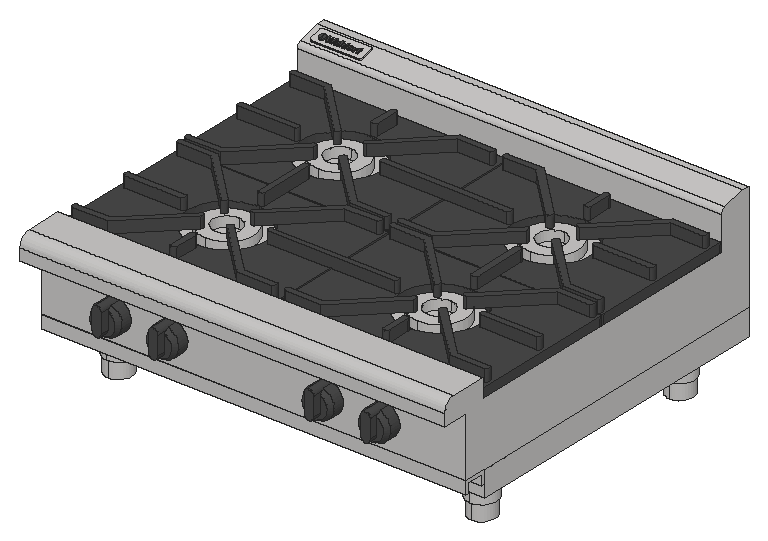
Revit family "QF_MOFFAT WALDORF_RNL8900G-B", category Specialty Equipment, Revit 2012
Parameters
  Weight in Pounds = 284.396
  URL Cutsheet = "www.moffat.com"
  URL = "www.moffat.com"
  Type Mark [instance] = ""
  Status [instance] = ""
  Specification by User [instance] = ""
  Specification by Manufacturer = ""
  Show Logo [instance] = yes
  Serial Number = ""
  Seismic Rating = ""
  SMACNA No = ""
  Revision Code [instance] = ""
  Omniclass Number and Title = ""
  NAFEM Spec ID Number = ""
  Model = "RNL8900G-B"
  Mechanical Remarks [instance] = ""
  Mechanical Connection Type [instance] = ""
  Masterspec = ""
  Manufacturer = "MOFFAT WALDORF"
  Item Number [instance] = ""
  Installed By [instance] = ""
  Identify Quantity as Lot [instance] = yes
  Gas Size = 3/4"
  Gas RI Height [instance] = 0.0 mm
  Gas KW [instance] = 31
  Gas Input [instance] = 106156.0 Btu/h
  Gas Connection Height = 0.0 mm
  Furnished By [instance] = ""
  Foodservice Equipment Identifier [instance] = yes
  Description = "COOK TOP LOW SPLAHBACK GAS BENCH MOUNT"
  CSI MasterFormat = ""
  CSI Master Format = ""
  Base Height [instance] = 85.0 mm
Reference planes
  plane 1 "BACK": y = 0
  plane 2: z = 0
  plane 3 "LEFT": x = 0
  plane 4 "RIGHT": x = 900
  plane 5 "FRONT": y = -805
  plane 6 "TOP": z = 370
  plane 7 "Center Y": x = 450
  plane 8 "Center X": y = -402.5
  plane 9 "Base Height": z = 85
  plane 10: z = 315
  plane 11: x = 65.8
Forms (mm)
  Extrusion 1, solid, material "QF_Finishes_Stainless Steel"
    sketch origin (0, 0, 0) x (0, 1, 0) y (0, 0, 1)
      loop
        line (-805, 291) -> (-805, 266) -> (-749, 266) -> (-749, 140) -> (0, 140) -> (0, 370) -> (-15, 370) -> (-61.106, 357.646)
        arc (-61.106, 357.646) -> (-67.52, 353.36) -> (-70, 346.055) r 12
        line (-70, 346.055) -> (-70, 275) -> (-705, 275) -> (-705, 315) -> (-781, 315)
        arc (-781, 315) -> (-797.971, 307.971) -> (-805, 291) r 24
      loop
        line (0, 85) -> (0, 139.206) -> (-699, 139.206) -> (-699, 85) -> (0, 85)
      loop
        line (-749, 139.206) -> (-749, 112.019) -> (-742.6, 112.019) -> (-742.6, 132.806) -> (-706.4, 132.806) -> (-706.4, 112.019) -> (-700, 112.019) -> (-700, 139.206) -> (-749, 139.206)
    from 0 to 900
  Revolve 2, solid, material "QF_Finishes_Stainless Steel"
    sketch origin (835, -210, 0) x (0, 1, 0) y (0, 0, -1)
      loop
        line (78.25, -85) -> (110, -85) -> (110, 0) -> (82.5, 0) -> (82.5, -35) -> (78.25, -35) -> (78.25, -85)
      axis (110, -85) -> (110, 0)
    angle from 0 to 360
  Revolve 3, solid, material "QF_Finishes_Stainless Steel"
    sketch origin (65, -210, 0) x (0, 1, 0) y (0, 0, 1)
      loop
        line (78.25, 85) -> (78.25, 35) -> (82.5, 35) -> (82.5, 0) -> (110, 0) -> (110, 85) -> (78.25, 85)
      axis (110, 85) -> (110, 0)
    angle from 0 to 360
  Revolve 4, solid, material "QF_Finishes_Black"
    sketch origin (285.001, 0, 0) x (0, -1, 0) y (0, 0, 1)
      loop
        line (782, 234.605) -> (759, 234.605) -> (759, 207.105) -> (749, 207.105) -> (749, 202.105) -> (793, 202.105) -> (793, 228.757) -> (782, 234.605)
      axis (793, 202.105) -> (749, 202.105)
    angle from 0 to 360
  Extrusion 5, solid, material "QF_Finishes_Black"
    sketch origin (-3.43, 0, -103.997) x (1, 0, 0) y (0, 0, 1)
      loop
        line (298.431, 294) -> (298.431, 332.997)
        arc (298.431, 332.997) -> (288.431, 342.997) -> (278.431, 332.997) r 10
        line (278.431, 332.997) -> (278.431, 294)
        arc (278.431, 294) -> (288.431, 284) -> (298.431, 294) r 10
    from 759 to 808
  Extrusion 6, solid, material "QF_Finishes_Stainless Steel"
    sketch origin (705, 3, -505) x (1, 0, 0) y (0, 1, 0)
      loop
        circle (65, -35) r 13.5
    from 560 to 590
  Revolve 7, solid, material "QF_Finishes_Black"
    sketch origin (165, 0, -0.127) x (0, 1, 0) y (0, 0, -1)
      loop
        line (-782, -234.5) -> (-759, -234.5) -> (-759, -207) -> (-749, -207) -> (-749, -202) -> (-793, -202) -> (-793, -228.651) -> (-782, -234.5)
      axis (-793, -202) -> (-749, -202)
    angle from 0 to 360
  Extrusion 8, solid, material "QF_Finishes_Black"
    sketch origin (303.27, 0, 0.031) x (-1, 0, 0) y (0, 0, -1)
      loop
        arc (148.269, -189.969) -> (138.269, -179.969) -> (128.269, -189.969) r 10
        line (128.269, -189.969) -> (128.269, -228.969)
        arc (128.269, -228.969) -> (138.269, -238.969) -> (148.269, -228.969) r 10
        line (148.269, -228.969) -> (148.269, -189.969)
    from 759 to 808
  Extrusion 9, solid, material "QF_Finishes_Black"
    sketch origin (0, -77.318, 294.5) x (0, -1, 0) y (1, 0, 0)
      loop
        spline (252.08, 230.775) -> (250.786, 230.557) -> (249.58, 229.918) -> (248.545, 228.9) -> (247.75, 227.575) -> (247.251, 226.031) -> (247.08, 224.375) -> (247.251, 222.719) -> (247.75, 221.175) -> (248.545, 219.85) -> (249.58, 218.832) -> (250.786, 218.193) -> (252.08, 217.975)
        line (252.08, 217.975) -> (368.284, 217.975)
        spline (368.284, 217.975) -> (369.579, 218.193) -> (370.784, 218.832) -> (371.82, 219.85) -> (372.615, 221.175) -> (373.114, 222.719) -> (373.284, 224.375) -> (373.114, 226.031) -> (372.615, 227.575) -> (371.82, 228.9) -> (370.784, 229.918) -> (369.579, 230.557) -> (368.284, 230.775)
        line (368.284, 230.775) -> (252.08, 230.775)
      loop
        spline (601.284, 217.975) -> (602.579, 218.193) -> (603.784, 218.832) -> (604.82, 219.85) -> (605.615, 221.175) -> (606.114, 222.719) -> (606.284, 224.375) -> (606.114, 226.031) -> (605.615, 227.575) -> (604.82, 228.9) -> (603.784, 229.918) -> (602.579, 230.557) -> (601.284, 230.775)
        line (601.284, 230.775) -> (552.08, 230.775)
        spline (552.08, 230.775) -> (550.786, 230.557) -> (549.58, 229.918) -> (548.545, 228.9) -> (547.75, 227.575) -> (547.251, 226.031) -> (547.08, 224.375) -> (547.251, 222.719) -> (547.75, 221.175) -> (548.545, 219.85) -> (549.58, 218.832) -> (550.786, 218.193) -> (552.08, 217.975)
        line (552.08, 217.975) -> (601.284, 217.975)
      loop
        line (466.582, 13.273) -> (466.582, 132.477)
        spline (466.582, 132.477) -> (466.364, 133.771) -> (465.725, 134.977) -> (464.708, 136.013) -> (463.382, 136.807) -> (461.839, 137.307) -> (460.182, 137.477) -> (458.526, 137.307) -> (456.982, 136.807) -> (455.657, 136.013) -> (454.64, 134.977) -> (454, 133.771) -> (453.782, 132.477)
        line (453.782, 132.477) -> (453.782, 13.273)
        spline (453.782, 13.273) -> (454, 11.979) -> (454.64, 10.773) -> (455.657, 9.737) -> (456.982, 8.943) -> (458.526, 8.443) -> (460.182, 8.273) -> (461.839, 8.443) -> (463.382, 8.943) -> (464.708, 9.737) -> (465.725, 10.773) -> (466.364, 11.979) -> (466.582, 13.273)
      loop
        line (14.11, 87.354) -> (14.11, 13.21)
        spline (14.11, 13.21) -> (14.338, 11.916) -> (15.008, 10.71) -> (16.073, 9.675) -> (17.46, 8.88) -> (19.076, 8.381) -> (20.81, 8.21) -> (22.544, 8.381) -> (24.16, 8.88) -> (25.548, 9.675) -> (26.613, 10.71) -> (27.282, 11.916) -> (27.51, 13.21)
        line (27.51, 13.21) -> (27.51, 82.652) -> (133.259, 188.4)
        spline (133.259, 188.4) -> (134.019, 189.47) -> (134.42, 190.774) -> (134.433, 192.226) -> (134.058, 193.725) -> (133.319, 195.17) -> (132.269, 196.461) -> (130.977, 197.512) -> (129.532, 198.25) -> (128.033, 198.626) -> (126.582, 198.613) -> (125.277, 198.212) -> (124.208, 197.451)
        line (124.208, 197.451) -> (14.11, 87.354)
      loop
        spline (19.08, 230.775) -> (17.786, 230.557) -> (16.58, 229.918) -> (15.545, 228.9) -> (14.75, 227.575) -> (14.251, 226.031) -> (14.08, 224.375) -> (14.251, 222.719) -> (14.75, 221.175) -> (15.545, 219.85) -> (16.58, 218.832) -> (17.786, 218.193) -> (19.08, 217.975)
        line (19.08, 217.975) -> (68.284, 217.975)
        spline (68.284, 217.975) -> (69.579, 218.193) -> (70.784, 218.832) -> (71.82, 219.85) -> (72.615, 221.175) -> (73.114, 222.719) -> (73.284, 224.375) -> (73.114, 226.031) -> (72.615, 227.575) -> (71.82, 228.9) -> (70.784, 229.918) -> (69.579, 230.557) -> (68.284, 230.775)
        line (68.284, 230.775) -> (19.08, 230.775)
      loop
        line (306.255, 87.354) -> (196.157, 197.451)
        spline (196.157, 197.451) -> (195.088, 198.212) -> (193.783, 198.613) -> (192.332, 198.626) -> (190.832, 198.25) -> (189.388, 197.512) -> (188.096, 196.461) -> (187.045, 195.17) -> (186.307, 193.725) -> (185.932, 192.226) -> (185.945, 190.774) -> (186.345, 189.47) -> (187.106, 188.4)
        line (187.106, 188.4) -> (292.855, 82.652) -> (292.855, 13.21)
        spline (292.855, 13.21) -> (293.083, 11.916) -> (293.752, 10.71) -> (294.817, 9.675) -> (296.205, 8.88) -> (297.82, 8.381) -> (299.555, 8.21) -> (301.289, 8.381) -> (302.905, 8.88) -> (304.292, 9.675) -> (305.357, 10.71) -> (306.026, 11.916) -> (306.255, 13.21)
        line (306.255, 13.21) -> (306.255, 87.354)
      loop
        line (166.582, 13.273) -> (166.582, 132.477)
        spline (166.582, 132.477) -> (166.364, 133.771) -> (165.725, 134.977) -> (164.708, 136.013) -> (163.382, 136.807) -> (161.839, 137.307) -> (160.182, 137.477) -> (158.526, 137.307) -> (156.982, 136.807) -> (155.657, 136.013) -> (154.64, 134.977) -> (154, 133.771) -> (153.782, 132.477)
        line (153.782, 132.477) -> (153.782, 13.273)
        spline (153.782, 13.273) -> (154, 11.979) -> (154.64, 10.773) -> (155.657, 9.737) -> (156.982, 8.943) -> (158.526, 8.443) -> (160.182, 8.273) -> (161.839, 8.443) -> (163.382, 8.943) -> (164.708, 9.737) -> (165.725, 10.773) -> (166.364, 11.979) -> (166.582, 13.273)
      loop
        line (14.11, 361.396) -> (124.208, 251.299)
        spline (124.208, 251.299) -> (125.277, 250.538) -> (126.582, 250.137) -> (128.033, 250.124) -> (129.532, 250.5) -> (130.977, 251.238) -> (132.269, 252.289) -> (133.319, 253.58) -> (134.058, 255.025) -> (134.433, 256.524) -> (134.42, 257.976) -> (134.019, 259.28) -> (133.259, 260.35)
        line (133.259, 260.35) -> (27.51, 366.098) -> (27.51, 435.54)
        spline (27.51, 435.54) -> (27.282, 436.834) -> (26.613, 438.04) -> (25.548, 439.075) -> (24.16, 439.87) -> (22.544, 440.369) -> (20.81, 440.54) -> (19.076, 440.369) -> (17.46, 439.87) -> (16.073, 439.075) -> (15.008, 438.04) -> (14.338, 436.834) -> (14.11, 435.54)
        line (14.11, 435.54) -> (14.11, 361.396)
      loop
        line (306.255, 361.396) -> (306.255, 435.54)
        spline (306.255, 435.54) -> (306.026, 436.834) -> (305.357, 438.04) -> (304.292, 439.075) -> (302.905, 439.87) -> (301.289, 440.369) -> (299.555, 440.54) -> (297.82, 440.369) -> (296.205, 439.87) -> (294.817, 439.075) -> (293.752, 438.04) -> (293.083, 436.834) -> (292.855, 435.54)
        line (292.855, 435.54) -> (292.855, 366.098) -> (187.106, 260.35)
        spline (187.106, 260.35) -> (186.345, 259.28) -> (185.945, 257.976) -> (185.932, 256.524) -> (186.307, 255.025) -> (187.045, 253.58) -> (188.096, 252.289) -> (189.388, 251.238) -> (190.832, 250.5) -> (192.332, 250.124) -> (193.783, 250.137) -> (195.088, 250.538) -> (196.157, 251.299)
        line (196.157, 251.299) -> (306.255, 361.396)
      loop
        spline (166.582, 583.727) -> (166.364, 585.021) -> (165.725, 586.227) -> (164.708, 587.263) -> (163.382, 588.057) -> (161.839, 588.557) -> (160.182, 588.727) -> (158.526, 588.557) -> (156.982, 588.057) -> (155.657, 587.263) -> (154.64, 586.227) -> (154, 585.021) -> (153.782, 583.727)
        line (153.782, 583.727) -> (153.782, 316.273)
        spline (153.782, 316.273) -> (154, 314.979) -> (154.64, 313.773) -> (155.657, 312.737) -> (156.982, 311.943) -> (158.526, 311.443) -> (160.182, 311.273) -> (161.839, 311.443) -> (163.382, 311.943) -> (164.708, 312.737) -> (165.725, 313.773) -> (166.364, 314.979) -> (166.582, 316.273)
        line (166.582, 316.273) -> (166.582, 583.727)
      loop
        line (313.11, 87.354) -> (313.11, 13.21)
        spline (313.11, 13.21) -> (313.338, 11.916) -> (314.008, 10.71) -> (315.073, 9.675) -> (316.46, 8.88) -> (318.076, 8.381) -> (319.81, 8.21) -> (321.544, 8.381) -> (323.16, 8.88) -> (324.548, 9.675) -> (325.613, 10.71) -> (326.282, 11.916) -> (326.51, 13.21)
        line (326.51, 13.21) -> (326.51, 82.652) -> (432.259, 188.4)
        spline (432.259, 188.4) -> (433.019, 189.47) -> (433.42, 190.774) -> (433.433, 192.226) -> (433.058, 193.725) -> (432.319, 195.17) -> (431.269, 196.461) -> (429.977, 197.512) -> (428.532, 198.25) -> (427.033, 198.626) -> (425.582, 198.613) -> (424.277, 198.212) -> (423.208, 197.451)
        line (423.208, 197.451) -> (313.11, 87.354)
      loop
        line (605.255, 87.354) -> (495.157, 197.451)
        spline (495.157, 197.451) -> (494.088, 198.212) -> (492.783, 198.613) -> (491.332, 198.626) -> (489.832, 198.25) -> (488.388, 197.512) -> (487.096, 196.461) -> (486.045, 195.17) -> (485.307, 193.725) -> (484.932, 192.226) -> (484.945, 190.774) -> (485.345, 189.47) -> (486.106, 188.4)
        line (486.106, 188.4) -> (591.855, 82.652) -> (591.855, 13.21)
        spline (591.855, 13.21) -> (592.083, 11.916) -> (592.752, 10.71) -> (593.817, 9.675) -> (595.205, 8.88) -> (596.82, 8.381) -> (598.555, 8.21) -> (600.289, 8.381) -> (601.905, 8.88) -> (603.292, 9.675) -> (604.357, 10.71) -> (605.026, 11.916) -> (605.255, 13.21)
        line (605.255, 13.21) -> (605.255, 87.354)
      loop
        line (313.11, 361.396) -> (423.208, 251.299)
        spline (423.208, 251.299) -> (424.277, 250.538) -> (425.582, 250.137) -> (427.033, 250.124) -> (428.532, 250.5) -> (429.977, 251.238) -> (431.269, 252.289) -> (432.319, 253.58) -> (433.058, 255.025) -> (433.433, 256.524) -> (433.42, 257.976) -> (433.019, 259.28) -> (432.259, 260.35)
        line (432.259, 260.35) -> (326.51, 366.098) -> (326.51, 435.54)
        spline (326.51, 435.54) -> (326.282, 436.834) -> (325.613, 438.04) -> (324.548, 439.075) -> (323.16, 439.87) -> (321.544, 440.369) -> (319.81, 440.54) -> (318.076, 440.369) -> (316.46, 439.87) -> (315.073, 439.075) -> (314.008, 438.04) -> (313.338, 436.834) -> (313.11, 435.54)
        line (313.11, 435.54) -> (313.11, 361.396)
      loop
        line (605.255, 361.396) -> (605.255, 435.54)
        spline (605.255, 435.54) -> (605.026, 436.834) -> (604.357, 438.04) -> (603.292, 439.075) -> (601.905, 439.87) -> (600.289, 440.369) -> (598.555, 440.54) -> (596.82, 440.369) -> (595.205, 439.87) -> (593.817, 439.075) -> (592.752, 438.04) -> (592.083, 436.834) -> (591.855, 435.54)
        line (591.855, 435.54) -> (591.855, 366.098) -> (486.106, 260.35)
        spline (486.106, 260.35) -> (485.345, 259.28) -> (484.945, 257.976) -> (484.932, 256.524) -> (485.307, 255.025) -> (486.045, 253.58) -> (487.096, 252.289) -> (488.388, 251.238) -> (489.832, 250.5) -> (491.332, 250.124) -> (492.783, 250.137) -> (494.088, 250.538) -> (495.157, 251.299)
        line (495.157, 251.299) -> (605.255, 361.396)
      loop
        spline (465.582, 583.727) -> (465.364, 585.021) -> (464.725, 586.227) -> (463.708, 587.263) -> (462.382, 588.057) -> (460.839, 588.557) -> (459.182, 588.727) -> (457.526, 588.557) -> (455.982, 588.057) -> (454.657, 587.263) -> (453.64, 586.227) -> (453, 585.021) -> (452.782, 583.727)
        line (452.782, 583.727) -> (452.782, 316.273)
        spline (452.782, 316.273) -> (453, 314.979) -> (453.64, 313.773) -> (454.657, 312.737) -> (455.982, 311.943) -> (457.526, 311.443) -> (459.182, 311.273) -> (460.839, 311.443) -> (462.382, 311.943) -> (463.708, 312.737) -> (464.725, 313.773) -> (465.364, 314.979) -> (465.582, 316.273)
        line (465.582, 316.273) -> (465.582, 583.727)
      loop
        line (252.08, 669.225) -> (368.284, 669.225)
        spline (368.284, 669.225) -> (369.579, 669.443) -> (370.784, 670.082) -> (371.82, 671.1) -> (372.615, 672.425) -> (373.114, 673.969) -> (373.284, 675.625) -> (373.114, 677.281) -> (372.615, 678.825) -> (371.82, 680.15) -> (370.784, 681.168) -> (369.579, 681.807) -> (368.284, 682.025)
        line (368.284, 682.025) -> (252.08, 682.025)
        spline (252.08, 682.025) -> (250.786, 681.807) -> (249.58, 681.168) -> (248.545, 680.15) -> (247.75, 678.825) -> (247.251, 677.281) -> (247.08, 675.625) -> (247.251, 673.969) -> (247.75, 672.425) -> (248.545, 671.1) -> (249.58, 670.082) -> (250.786, 669.443) -> (252.08, 669.225)
      loop
        line (601.284, 682.025) -> (552.08, 682.025)
        spline (552.08, 682.025) -> (550.786, 681.807) -> (549.58, 681.168) -> (548.545, 680.15) -> (547.75, 678.825) -> (547.251, 677.281) -> (547.08, 675.625) -> (547.251, 673.969) -> (547.75, 672.425) -> (548.545, 671.1) -> (549.58, 670.082) -> (550.786, 669.443) -> (552.08, 669.225)
        line (552.08, 669.225) -> (601.284, 669.225)
        spline (601.284, 669.225) -> (602.579, 669.443) -> (603.784, 670.082) -> (604.82, 671.1) -> (605.615, 672.425) -> (606.114, 673.969) -> (606.284, 675.625) -> (606.114, 677.281) -> (605.615, 678.825) -> (604.82, 680.15) -> (603.784, 681.168) -> (602.579, 681.807) -> (601.284, 682.025)
      loop
        spline (466.582, 886.727) -> (466.364, 888.021) -> (465.725, 889.227) -> (464.708, 890.263) -> (463.382, 891.057) -> (461.839, 891.557) -> (460.182, 891.727) -> (458.526, 891.557) -> (456.982, 891.057) -> (455.657, 890.263) -> (454.64, 889.227) -> (454, 888.021) -> (453.782, 886.727)
        line (453.782, 886.727) -> (453.782, 767.523)
        spline (453.782, 767.523) -> (454, 766.229) -> (454.64, 765.023) -> (455.657, 763.987) -> (456.982, 763.193) -> (458.526, 762.693) -> (460.182, 762.523) -> (461.839, 762.693) -> (463.382, 763.193) -> (464.708, 763.987) -> (465.725, 765.023) -> (466.364, 766.229) -> (466.582, 767.523)
        line (466.582, 767.523) -> (466.582, 886.727)
      loop
        line (14.11, 812.646) -> (124.208, 702.549)
        spline (124.208, 702.549) -> (125.277, 701.788) -> (126.582, 701.387) -> (128.033, 701.374) -> (129.532, 701.75) -> (130.977, 702.488) -> (132.269, 703.539) -> (133.319, 704.83) -> (134.058, 706.275) -> (134.433, 707.774) -> (134.42, 709.226) -> (134.019, 710.53) -> (133.259, 711.6)
        line (133.259, 711.6) -> (27.51, 817.348) -> (27.51, 886.79)
        spline (27.51, 886.79) -> (27.282, 888.084) -> (26.613, 889.29) -> (25.548, 890.325) -> (24.16, 891.12) -> (22.544, 891.619) -> (20.81, 891.79) -> (19.076, 891.619) -> (17.46, 891.12) -> (16.073, 890.325) -> (15.008, 889.29) -> (14.338, 888.084) -> (14.11, 886.79)
        line (14.11, 886.79) -> (14.11, 812.646)
      loop
        line (19.08, 669.225) -> (68.284, 669.225)
        spline (68.284, 669.225) -> (69.579, 669.443) -> (70.784, 670.082) -> (71.82, 671.1) -> (72.615, 672.425) -> (73.114, 673.969) -> (73.284, 675.625) -> (73.114, 677.281) -> (72.615, 678.825) -> (71.82, 680.15) -> (70.784, 681.168) -> (69.579, 681.807) -> (68.284, 682.025)
        line (68.284, 682.025) -> (19.08, 682.025)
        spline (19.08, 682.025) -> (17.786, 681.807) -> (16.58, 681.168) -> (15.545, 680.15) -> (14.75, 678.825) -> (14.251, 677.281) -> (14.08, 675.625) -> (14.251, 673.969) -> (14.75, 672.425) -> (15.545, 671.1) -> (16.58, 670.082) -> (17.786, 669.443) -> (19.08, 669.225)
      loop
        line (306.255, 812.646) -> (306.255, 886.79)
        spline (306.255, 886.79) -> (306.026, 888.084) -> (305.357, 889.29) -> (304.292, 890.325) -> (302.905, 891.12) -> (301.289, 891.619) -> (299.555, 891.79) -> (297.82, 891.619) -> (296.205, 891.12) -> (294.817, 890.325) -> (293.752, 889.29) -> (293.083, 888.084) -> (292.855, 886.79)
        line (292.855, 886.79) -> (292.855, 817.348) -> (187.106, 711.6)
        spline (187.106, 711.6) -> (186.345, 710.53) -> (185.945, 709.226) -> (185.932, 707.774) -> (186.307, 706.275) -> (187.045, 704.83) -> (188.096, 703.539) -> (189.388, 702.488) -> (190.832, 701.75) -> (192.332, 701.374) -> (193.783, 701.387) -> (195.088, 701.788) -> (196.157, 702.549)
        line (196.157, 702.549) -> (306.255, 812.646)
      loop
        spline (166.582, 886.727) -> (166.364, 888.021) -> (165.725, 889.227) -> (164.708, 890.263) -> (163.382, 891.057) -> (161.839, 891.557) -> (160.182, 891.727) -> (158.526, 891.557) -> (156.982, 891.057) -> (155.657, 890.263) -> (154.64, 889.227) -> (154, 888.021) -> (153.782, 886.727)
        line (153.782, 886.727) -> (153.782, 767.523)
        spline (153.782, 767.523) -> (154, 766.229) -> (154.64, 765.023) -> (155.657, 763.987) -> (156.982, 763.193) -> (158.526, 762.693) -> (160.182, 762.523) -> (161.839, 762.693) -> (163.382, 763.193) -> (164.708, 763.987) -> (165.725, 765.023) -> (166.364, 766.229) -> (166.582, 767.523)
        line (166.582, 767.523) -> (166.582, 886.727)
      loop
        line (14.11, 538.604) -> (14.11, 464.46)
        spline (14.11, 464.46) -> (14.338, 463.166) -> (15.008, 461.96) -> (16.073, 460.925) -> (17.46, 460.13) -> (19.076, 459.631) -> (20.81, 459.46) -> (22.544, 459.631) -> (24.16, 460.13) -> (25.548, 460.925) -> (26.613, 461.96) -> (27.282, 463.166) -> (27.51, 464.46)
        line (27.51, 464.46) -> (27.51, 533.902) -> (133.259, 639.65)
        spline (133.259, 639.65) -> (134.019, 640.72) -> (134.42, 642.024) -> (134.433, 643.476) -> (134.058, 644.975) -> (133.319, 646.42) -> (132.269, 647.711) -> (130.977, 648.762) -> (129.532, 649.5) -> (128.033, 649.876) -> (126.582, 649.863) -> (125.277, 649.462) -> (124.208, 648.701)
        line (124.208, 648.701) -> (14.11, 538.604)
      loop
        line (306.255, 538.604) -> (196.157, 648.701)
        spline (196.157, 648.701) -> (195.088, 649.462) -> (193.783, 649.863) -> (192.332, 649.876) -> (190.832, 649.5) -> (189.388, 648.762) -> (188.096, 647.711) -> (187.045, 646.42) -> (186.307, 644.975) -> (185.932, 643.476) -> (185.945, 642.024) -> (186.345, 640.72) -> (187.106, 639.65)
        line (187.106, 639.65) -> (292.855, 533.902) -> (292.855, 464.46)
        spline (292.855, 464.46) -> (293.083, 463.166) -> (293.752, 461.96) -> (294.817, 460.925) -> (296.205, 460.13) -> (297.82, 459.631) -> (299.555, 459.46) -> (301.289, 459.631) -> (302.905, 460.13) -> (304.292, 460.925) -> (305.357, 461.96) -> (306.026, 463.166) -> (306.255, 464.46)
        line (306.255, 464.46) -> (306.255, 538.604)
      loop
        line (313.11, 812.646) -> (423.208, 702.549)
        spline (423.208, 702.549) -> (424.277, 701.788) -> (425.582, 701.387) -> (427.033, 701.374) -> (428.532, 701.75) -> (429.977, 702.488) -> (431.269, 703.539) -> (432.319, 704.83) -> (433.058, 706.275) -> (433.433, 707.774) -> (433.42, 709.226) -> (433.019, 710.53) -> (432.259, 711.6)
        line (432.259, 711.6) -> (326.51, 817.348) -> (326.51, 886.79)
        spline (326.51, 886.79) -> (326.282, 888.084) -> (325.613, 889.29) -> (324.548, 890.325) -> (323.16, 891.12) -> (321.544, 891.619) -> (319.81, 891.79) -> (318.076, 891.619) -> (316.46, 891.12) -> (315.073, 890.325) -> (314.008, 889.29) -> (313.338, 888.084) -> (313.11, 886.79)
        line (313.11, 886.79) -> (313.11, 812.646)
      loop
        line (605.255, 812.646) -> (605.255, 886.79)
        spline (605.255, 886.79) -> (605.026, 888.084) -> (604.357, 889.29) -> (603.292, 890.325) -> (601.905, 891.12) -> (600.289, 891.619) -> (598.555, 891.79) -> (596.82, 891.619) -> (595.205, 891.12) -> (593.817, 890.325) -> (592.752, 889.29) -> (592.083, 888.084) -> (591.855, 886.79)
        line (591.855, 886.79) -> (591.855, 817.348) -> (486.106, 711.6)
        spline (486.106, 711.6) -> (485.345, 710.53) -> (484.945, 709.226) -> (484.932, 707.774) -> (485.307, 706.275) -> (486.045, 704.83) -> (487.096, 703.539) -> (488.388, 702.488) -> (489.832, 701.75) -> (491.332, 701.374) -> (492.783, 701.387) -> (494.088, 701.788) -> (495.157, 702.549)
        line (495.157, 702.549) -> (605.255, 812.646)
      loop
        line (313.11, 538.604) -> (313.11, 464.46)
        spline (313.11, 464.46) -> (313.338, 463.166) -> (314.008, 461.96) -> (315.073, 460.925) -> (316.46, 460.13) -> (318.076, 459.631) -> (319.81, 459.46) -> (321.544, 459.631) -> (323.16, 460.13) -> (324.548, 460.925) -> (325.613, 461.96) -> (326.282, 463.166) -> (326.51, 464.46)
        line (326.51, 464.46) -> (326.51, 533.902) -> (432.259, 639.65)
        spline (432.259, 639.65) -> (433.019, 640.72) -> (433.42, 642.024) -> (433.433, 643.476) -> (433.058, 644.975) -> (432.319, 646.42) -> (431.269, 647.711) -> (429.977, 648.762) -> (428.532, 649.5) -> (427.033, 649.876) -> (425.582, 649.863) -> (424.277, 649.462) -> (423.208, 648.701)
        line (423.208, 648.701) -> (313.11, 538.604)
      loop
        line (605.255, 538.604) -> (495.157, 648.701)
        spline (495.157, 648.701) -> (494.088, 649.462) -> (492.783, 649.863) -> (491.332, 649.876) -> (489.832, 649.5) -> (488.388, 648.762) -> (487.096, 647.711) -> (486.045, 646.42) -> (485.307, 644.975) -> (484.932, 643.476) -> (484.945, 642.024) -> (485.345, 640.72) -> (486.106, 639.65)
        line (486.106, 639.65) -> (591.855, 533.902) -> (591.855, 464.46)
        spline (591.855, 464.46) -> (592.083, 463.166) -> (592.752, 461.96) -> (593.817, 460.925) -> (595.205, 460.13) -> (596.82, 459.631) -> (598.555, 459.46) -> (600.289, 459.631) -> (601.905, 460.13) -> (603.292, 460.925) -> (604.357, 461.96) -> (605.026, 463.166) -> (605.255, 464.46)
        line (605.255, 464.46) -> (605.255, 538.604)
    from 0 to 23.5
  Revolve 10, solid, material "QF_Finishes_Black"
    sketch origin (735, 0, 0) x (0, -1, 0) y (0, 0, 1)
      loop
        line (782, 234.605) -> (759, 234.605) -> (759, 207.105) -> (749, 207.105) -> (749, 202.105) -> (793, 202.105) -> (793, 228.757) -> (782, 234.605)
      axis (793, 202.105) -> (749, 202.105)
    angle from 0 to 360
  Extrusion 11, solid, material "QF_Finishes_Black"
    sketch origin (596.569, 0, -103.997) x (1, 0, 0) y (0, 0, 1)
      loop
        line (148.431, 294) -> (148.431, 332.997)
        arc (148.431, 332.997) -> (138.431, 342.997) -> (128.431, 332.997) r 10
        line (128.431, 332.997) -> (128.431, 294)
        arc (128.431, 294) -> (138.431, 284) -> (148.431, 294) r 10
    from 759 to 808
  Revolve 12, solid, material "QF_Finishes_Black"
    sketch origin (615, 0, -0.093) x (0, 1, 0) y (0, 0, -1)
      loop
        line (-782, -234.5) -> (-759, -234.5) -> (-759, -207) -> (-749, -207) -> (-749, -202) -> (-793, -202) -> (-793, -228.651) -> (-782, -234.5)
      axis (-793, -202) -> (-749, -202)
    angle from 0 to 360
  Extrusion 13, solid, material "QF_Finishes_Black"
    sketch origin (603.269, 0, 0.031) x (-1, 0, 0) y (0, 0, -1)
      loop
        arc (-1.731, -189.969) -> (-11.731, -179.969) -> (-21.731, -189.969) r 10
        line (-21.731, -189.969) -> (-21.731, -228.969)
        arc (-21.731, -228.969) -> (-11.731, -238.969) -> (-1.731, -228.969) r 10
        line (-1.731, -228.969) -> (-1.731, -189.969)
    from 759 to 808
  Revolve 14, solid, material "QF_Finishes_Stainless Steel"
    sketch origin (835, -735, 0) x (0, 1, 0) y (0, 0, -1)
      loop
        line (78.25, -85) -> (110, -85) -> (110, 0) -> (82.5, 0) -> (82.5, -35) -> (78.25, -35) -> (78.25, -85)
      axis (110, -85) -> (110, 0)
    angle from 0 to 360
  Revolve 15, solid, material "QF_Finishes_Stainless Steel"
    sketch origin (65, -735, 0) x (0, 1, 0) y (0, 0, 1)
      loop
        line (78.25, 85) -> (78.25, 35) -> (82.5, 35) -> (82.5, 0) -> (110, 0) -> (110, 85) -> (78.25, 85)
      axis (110, 85) -> (110, 0)
    angle from 0 to 360
  Extrusion 16, solid, material "QF_Finishes_Stainless Steel"
    sketch origin (0, -77.318, 275) x (0, -1, 0) y (1, 0, 0)
      loop
        circle (160.182, 224) r 57
      loop
        circle (160.182, 674) r 57
      loop
        circle (459.182, 674) r 57
      loop
        circle (459.182, 224) r 57
      loop
        circle (160.182, 224) r 30
      loop
        circle (160.182, 674) r 30
      loop
        circle (459.182, 674) r 30
      loop
        circle (459.182, 224) r 30
    from 0 to 20
  Extrusion 17, solid, material "QF_Finishes_Black"
    sketch origin (0, -77.318, 275) x (0, -1, 0) y (1, 0, 0)
      loop
        arc (-6.318, 4) -> (-5.439, 1.879) -> (-3.318, 1) r 3
        line (-3.318, 1) -> (305.057, 1)
        arc (305.057, 1) -> (307.179, 1.879) -> (308.057, 4) r 3
        line (308.057, 4) -> (308.057, 445.187)
        arc (308.057, 445.187) -> (307.179, 447.309) -> (305.057, 448.187) r 3
        line (305.057, 448.187) -> (-3.318, 448.187)
        arc (-3.318, 448.187) -> (-5.439, 447.309) -> (-6.318, 445.187) r 3
        line (-6.318, 445.187) -> (-6.318, 4)
      loop
        line (623.682, 899) -> (314.057, 899)
        arc (314.057, 899) -> (311.936, 898.121) -> (311.057, 896) r 3
        line (311.057, 896) -> (311.057, 454.812)
        arc (311.057, 454.812) -> (311.936, 452.691) -> (314.057, 451.812) r 3
        line (314.057, 451.812) -> (623.682, 451.812)
        arc (623.682, 451.812) -> (625.804, 452.691) -> (626.682, 454.812) r 3
        line (626.682, 454.812) -> (626.682, 896)
        arc (626.682, 896) -> (625.804, 898.121) -> (623.682, 899) r 3
      loop
        arc (-3.318, 899) -> (-5.439, 898.121) -> (-6.318, 896) r 3
        line (-6.318, 896) -> (-6.318, 454.812)
        arc (-6.318, 454.812) -> (-5.439, 452.691) -> (-3.318, 451.812) r 3
        line (-3.318, 451.812) -> (305.057, 451.812)
        arc (305.057, 451.812) -> (307.179, 452.691) -> (308.057, 454.812) r 3
        line (308.057, 454.812) -> (308.057, 896)
        arc (308.057, 896) -> (307.179, 898.121) -> (305.057, 899) r 3
        line (305.057, 899) -> (-3.318, 899)
      loop
        line (626.682, 4) -> (626.682, 445.187)
        arc (626.682, 445.187) -> (625.804, 447.309) -> (623.682, 448.187) r 3
        line (623.682, 448.187) -> (314.057, 448.187)
        arc (314.057, 448.187) -> (311.936, 447.309) -> (311.057, 445.187) r 3
        line (311.057, 445.187) -> (311.057, 4)
        arc (311.057, 4) -> (311.936, 1.879) -> (314.057, 1) r 3
        line (314.057, 1) -> (623.682, 1)
        arc (623.682, 1) -> (625.804, 1.879) -> (626.682, 4) r 3
      loop
        circle (160.663, 675.95) r 84.082
      loop
        circle (460.663, 675.95) r 84.082
      loop
        circle (459.761, 224.937) r 84.082
      loop
        circle (159.761, 224.937) r 84.082
    from 0 to 19.5
Cuts and joins
  joined: Revolve 7, Extrusion 8
  joined: Revolve 4, Extrusion 5
  joined: Revolve 12, Extrusion 13
  joined: Revolve 10, Extrusion 11
Lines and regions (mm)
  Split face 1
    outline origin (49.063, -19.972, 368.668) x (0, -0.965926, -0.258819) y (1, 0, 0)
      loop
        line (0.03, 105.5) -> (33.432, 105.5) -> (33.432, 125.5) -> (0.03, 125.5) -> (0.03, 105.5)
  Split face 2
    outline origin (99.063, -19.972, 368.668) x (0, -0.965926, -0.258819) y (1, 0, 0)
      loop
        line (0.03, 105.5) -> (33.432, 105.5) -> (33.432, 125.5) -> (0.03, 125.5) -> (0.03, 105.5)
  Split face 3
    outline origin (149.062, -19.972, 368.668) x (0, -0.965926, -0.258819) y (1, 0, 0)
      loop
        line (0.03, 105.5) -> (33.432, 105.5) -> (33.432, 125.5) -> (0.03, 125.5) -> (0.03, 105.5)
  Split face 4
    outline origin (199.063, -19.972, 368.668) x (0, -0.965926, -0.258819) y (1, 0, 0)
      loop
        line (0.03, 105.5) -> (33.432, 105.5) -> (33.432, 125.5) -> (0.03, 125.5) -> (0.03, 105.5)
  Split face 5
    outline origin (249.062, -19.972, 368.668) x (0, -0.965926, -0.258819) y (1, 0, 0)
      loop
        line (0.03, 105.5) -> (33.432, 105.5) -> (33.432, 125.5) -> (0.03, 125.5) -> (0.03, 105.5)
  Split face 6
    outline origin (299.062, -19.972, 368.668) x (0, -0.965926, -0.258819) y (1, 0, 0)
      loop
        line (0.03, 105.5) -> (33.432, 105.5) -> (33.432, 125.5) -> (0.03, 125.5) -> (0.03, 105.5)
  Split face 7
    outline origin (349.062, -19.972, 368.668) x (0, -0.965926, -0.258819) y (1, 0, 0)
      loop
        line (0.03, 105.5) -> (33.432, 105.5) -> (33.432, 125.5) -> (0.03, 125.5) -> (0.03, 105.5)
  Split face 8
    outline origin (399.062, -19.972, 368.668) x (0, -0.965926, -0.258819) y (1, 0, 0)
      loop
        line (0.03, 105.5) -> (33.432, 105.5) -> (33.432, 125.5) -> (0.03, 125.5) -> (0.03, 105.5)
  Split face 9
    outline origin (449.062, -19.972, 368.668) x (0, -0.965926, -0.258819) y (1, 0, 0)
      loop
        line (0.03, 105.5) -> (33.432, 105.5) -> (33.432, 125.5) -> (0.03, 125.5) -> (0.03, 105.5)
  Split face 10
    outline origin (499.062, -19.972, 368.668) x (0, -0.965926, -0.258819) y (1, 0, 0)
      loop
        line (0.03, 105.5) -> (33.432, 105.5) -> (33.432, 125.5) -> (0.03, 125.5) -> (0.03, 105.5)
  Split face 11
    outline origin (549.062, -19.972, 368.668) x (0, -0.965926, -0.258819) y (1, 0, 0)
      loop
        line (0.03, 105.5) -> (33.432, 105.5) -> (33.432, 125.5) -> (0.03, 125.5) -> (0.03, 105.5)
  Split face 12
    outline origin (599.062, -19.972, 368.668) x (0, -0.965926, -0.258819) y (1, 0, 0)
      loop
        line (0.03, 105.5) -> (33.432, 105.5) -> (33.432, 125.5) -> (0.03, 125.5) -> (0.03, 105.5)
  symbolic lines, visible <- "Show Logo"
    curve 1: line (12.5, -52.06, 0) -> (12.5, -21.099, 0)
    curve 2: line (121.5, -21.099, 0) -> (121.5, -52.06, 0)
    curve 3: line (12.5, -21.099, 0) -> (121.5, -21.099, 0)
    curve 4: line (12.5, -52.06, 0) -> (121.5, -52.06, 0)
  symbolic lines
    curve 5: line (154.563, -50.782, 0) -> (154.563, -20.984, 0)
    curve 6: line (154.563, -20.984, 0) -> (174.562, -20.984, 0)
    curve 7: line (174.562, -20.984, 0) -> (174.562, -50.782, 0)
    curve 8: line (174.562, -50.782, 0) -> (154.563, -50.782, 0)
    curve 9: line (204.563, -20.984, 0) -> (204.563, -50.782, 0)
    curve 10: line (204.563, -50.782, 0) -> (224.562, -50.782, 0)
    curve 11: line (224.562, -50.782, 0) -> (224.562, -20.984, 0)
    curve 12: line (224.562, -20.984, 0) -> (204.563, -20.984, 0)
    curve 13: line (254.563, -20.984, 0) -> (254.563, -50.782, 0)
    curve 14: line (254.563, -50.782, 0) -> (274.562, -50.782, 0)
    curve 15: line (274.562, -50.782, 0) -> (274.562, -20.984, 0)
    curve 16: line (274.562, -20.984, 0) -> (254.563, -20.984, 0)
    curve 17: line (304.563, -20.984, 0) -> (304.563, -50.782, 0)
    curve 18: line (304.563, -50.782, 0) -> (324.563, -50.782, 0)
    curve 19: line (324.563, -50.782, 0) -> (324.563, -20.984, 0)
    curve 20: line (324.563, -20.984, 0) -> (304.563, -20.984, 0)
    curve 21: line (354.563, -20.984, 0) -> (354.563, -50.782, 0)
    curve 22: line (354.563, -50.782, 0) -> (374.563, -50.782, 0)
    curve 23: line (374.563, -50.782, 0) -> (374.563, -20.984, 0)
    curve 24: line (374.563, -20.984, 0) -> (354.563, -20.984, 0)
    curve 25: line (404.563, -50.782, 0) -> (404.563, -20.984, 0)
    curve 26: line (404.563, -20.984, 0) -> (424.563, -20.984, 0)
    curve 27: line (424.563, -20.984, 0) -> (424.563, -50.782, 0)
    curve 28: line (424.563, -50.782, 0) -> (404.563, -50.782, 0)
    curve 29: line (454.563, -50.782, 0) -> (454.563, -20.984, 0)
    curve 30: line (454.563, -20.984, 0) -> (474.563, -20.984, 0)
    curve 31: line (474.563, -20.984, 0) -> (474.563, -50.782, 0)
    curve 32: line (474.563, -50.782, 0) -> (454.563, -50.782, 0)
    curve 33: line (504.563, -20.984, 0) -> (504.563, -50.782, 0)
    curve 34: line (504.563, -50.782, 0) -> (524.563, -50.782, 0)
    curve 35: line (524.563, -50.782, 0) -> (524.563, -20.984, 0)
    curve 36: line (524.563, -20.984, 0) -> (504.563, -20.984, 0)
    curve 37: line (554.563, -50.782, 0) -> (554.563, -20.984, 0)
    curve 38: line (554.563, -20.984, 0) -> (574.563, -20.984, 0)
    curve 39: line (574.563, -20.984, 0) -> (574.563, -50.782, 0)
    curve 40: line (574.563, -50.782, 0) -> (554.563, -50.782, 0)
    curve 41: line (604.563, -50.782, 0) -> (604.563, -20.984, 0)
    curve 42: line (604.563, -20.984, 0) -> (624.563, -20.984, 0)
    curve 43: line (624.563, -20.984, 0) -> (624.563, -50.782, 0)
    curve 44: line (624.563, -50.782, 0) -> (604.563, -50.782, 0)
    curve 45: line (654.563, -50.782, 0) -> (654.563, -20.984, 0)
    curve 46: line (654.563, -20.984, 0) -> (674.563, -20.984, 0)
    curve 47: line (674.563, -20.984, 0) -> (674.563, -50.782, 0)
    curve 48: line (674.563, -50.782, 0) -> (654.563, -50.782, 0)
    curve 49: line (724.563, -50.782, 0) -> (704.563, -50.782, 0)
    curve 50: line (704.563, -50.782, 0) -> (704.563, -20.984, 0)
    curve 51: line (704.563, -20.984, 0) -> (724.563, -20.984, 0)
    curve 52: line (724.563, -20.984, 0) -> (724.563, -50.782, 0)
    curve 53: line (0, -805, 0) -> (900, -805, 0)
    curve 54: line (0, 0, 0) -> (0, -805, 0)
    curve 55: line (900, -805, 0) -> (900, 0, 0)
    curve 56: line (900, 0, 0) -> (0, 0, 0)
    curve 57: line (0, -70, 0) -> (900, -70, 0)
    curve 58: line (900, -705, 0) -> (0, -705, 0)
    curve 59: line (7.898, -98.128, 0) -> (84.628, -98.128, 0)
    curve 60: line (84.628, -98.128, 0) -> (192.551, -206.051, 0)
    curve 61: line (224, -96.398, 0) -> (224, -145.602, 0)
    curve 62: line (440.102, -98.128, 0) -> (363.372, -98.128, 0)
    curve 63: line (363.372, -98.128, 0) -> (255.449, -206.051, 0)
    curve 64: line (578.727, -237.5, 0) -> (315.898, -237.5, 0)
    curve 65: line (457.898, -98.128, 0) -> (534.628, -98.128, 0)
    curve 66: line (534.628, -98.128, 0) -> (642.551, -206.051, 0)
    curve 67: line (7.898, -237.5, 0) -> (132.102, -237.5, 0)
    curve 68: line (7.898, -376.872, 0) -> (84.628, -376.872, 0)
    curve 69: line (84.628, -376.872, 0) -> (192.551, -268.949, 0)
    curve 70: line (224, -440.611, 0) -> (224, -329.398, 0)
    curve 71: line (440.102, -376.872, 0) -> (363.372, -376.872, 0)
    curve 72: line (363.372, -376.872, 0) -> (255.449, -268.949, 0)
    curve 73: line (7.898, -397.128, 0) -> (84.628, -397.128, 0)
    curve 74: line (84.628, -397.128, 0) -> (192.551, -505.051, 0)
    curve 75: line (440.102, -397.128, 0) -> (363.372, -397.128, 0)
    curve 76: line (363.372, -397.128, 0) -> (255.449, -505.051, 0)
    curve 77: line (578.727, -536.5, 0) -> (315.898, -536.5, 0)
    curve 78: line (7.898, -536.5, 0) -> (132.102, -536.5, 0)
    curve 79: line (7.898, -675.872, 0) -> (84.628, -675.872, 0)
    curve 80: line (84.628, -675.872, 0) -> (192.551, -567.949, 0)
    curve 81: line (224, -677.602, 0) -> (224, -628.398, 0)
    curve 82: line (440.102, -675.872, 0) -> (363.372, -675.872, 0)
    curve 83: line (363.372, -675.872, 0) -> (255.449, -567.949, 0)
    curve 84: arc (224, -479.5, 0) -> (281, -536.5, 0) -> (224, -593.5, 0) r 57
    curve 85: arc (224, -593.5, 0) -> (167, -536.5, 0) -> (224, -479.5, 0) r 57
    curve 86: arc (224, -180.5, 0) -> (281, -237.5, 0) -> (224, -294.5, 0) r 57
    curve 87: arc (224, -294.5, 0) -> (167, -237.5, 0) -> (224, -180.5, 0) r 57
    curve 88: arc (674, -294.5, 0) -> (617, -237.5, 0) -> (674, -180.5, 0) r 57
    curve 89: arc (674, -180.5, 0) -> (731, -237.5, 0) -> (674, -294.5, 0) r 57
    curve 90: arc (674, -593.5, 0) -> (617, -536.5, 0) -> (674, -479.5, 0) r 57
    curve 91: arc (674, -479.5, 0) -> (731, -536.5, 0) -> (674, -593.5, 0) r 57
    curve 92: line (457.898, -376.872, 0) -> (534.628, -376.872, 0)
    curve 93: line (534.628, -376.872, 0) -> (642.551, -268.949, 0)
    curve 94: line (890.102, -98.128, 0) -> (813.372, -98.128, 0)
    curve 95: line (813.372, -98.128, 0) -> (705.449, -206.051, 0)
    curve 96: line (674, -96.398, 0) -> (674, -145.602, 0)
    curve 97: line (890.102, -237.5, 0) -> (765.898, -237.5, 0)
    curve 98: line (890.102, -376.872, 0) -> (813.372, -376.872, 0)
    curve 99: line (813.372, -376.872, 0) -> (705.449, -268.949, 0)
    curve 100: line (890.102, -397.128, 0) -> (813.372, -397.128, 0)
    curve 101: line (813.372, -397.128, 0) -> (705.449, -505.051, 0)
    curve 102: line (457.898, -397.128, 0) -> (534.628, -397.128, 0)
    curve 103: line (534.628, -397.128, 0) -> (642.551, -505.051, 0)
    curve 104: line (674, -440.766, 0) -> (674, -329.398, 0)
    curve 105: line (890.102, -536.5, 0) -> (765.898, -536.5, 0)
    curve 106: line (890.102, -675.872, 0) -> (813.372, -675.872, 0)
    curve 107: line (813.372, -675.872, 0) -> (705.449, -567.949, 0)
    curve 108: line (674, -677.602, 0) -> (674, -628.398, 0)
    curve 109: line (457.898, -675.872, 0) -> (534.628, -675.872, 0)
    curve 110: line (534.628, -675.872, 0) -> (642.551, -567.949, 0)
    curve 111: line (450, -70, 0) -> (450, -705, 0)
    curve 112: line (0, -386.872, 0) -> (899, -386.872, 0)
    curve 113: arc (224.724, -152.946, 0) -> (308.806, -237.028, 0) -> (224.724, -321.11, 0) r 84.082
    curve 114: arc (224.724, -321.11, 0) -> (140.642, -237.028, 0) -> (224.724, -152.946, 0) r 84.082
    curve 115: arc (675.738, -322.012, 0) -> (591.656, -237.93, 0) -> (675.738, -153.847, 0) r 84.082
    curve 116: arc (675.738, -153.847, 0) -> (759.82, -237.93, 0) -> (675.738, -322.012, 0) r 84.082
    curve 117: arc (675.738, -453.847, 0) -> (759.82, -537.93, 0) -> (675.738, -622.012, 0) r 84.082
    curve 118: arc (675.738, -622.012, 0) -> (591.656, -537.93, 0) -> (675.738, -453.847, 0) r 84.082
    curve 119: arc (224.724, -452.946, 0) -> (308.806, -537.028, 0) -> (224.724, -621.11, 0) r 84.082
    curve 120: arc (224.724, -621.11, 0) -> (140.642, -537.028, 0) -> (224.724, -452.946, 0) r 84.082
    curve 121: arc (224, -267.5, 0) -> (194, -237.5, 0) -> (224, -207.5, 0) r 30
    curve 122: arc (224, -207.5, 0) -> (254, -237.5, 0) -> (224, -267.5, 0) r 30
    curve 123: arc (674, -267.5, 0) -> (644, -237.5, 0) -> (674, -207.5, 0) r 30
    curve 124: arc (674, -207.5, 0) -> (704, -237.5, 0) -> (674, -267.5, 0) r 30
    curve 125: arc (674, -566.5, 0) -> (644, -536.5, 0) -> (674, -506.5, 0) r 30
    curve 126: arc (674, -506.5, 0) -> (704, -536.5, 0) -> (674, -566.5, 0) r 30
    curve 127: arc (224, -566.5, 0) -> (194, -536.5, 0) -> (224, -506.5, 0) r 30
    curve 128: arc (224, -506.5, 0) -> (254, -536.5, 0) -> (224, -566.5, 0) r 30
Dimensions and locks
  equal spacing: plane 3 "LEFT", plane 7 "Center Y", plane 4 "RIGHT"
  plane 3 "LEFT" to plane 4 "RIGHT" = 900.0 mm
  equal spacing: plane 5 "FRONT", plane 8 "Center X", plane 1 "BACK"
  plane 5 "FRONT" to plane 1 "BACK" = 805.0 mm
  "Base Height": plane 9 "Base Height" to level
  plane 6 "TOP" to level = 370.0 mm
  level to Extrusion 6 = 55.0 mm
  Extrusion 6 to plane 9 "Base Height" = 30.0 mm
  Revolve 10 sketch curve to Revolve 10 sketch curve to Revolve 12 = 11.0 mm locked, 23.0 mm locked
  plane 10 to level = 315.0 mm
  Extrusion 17 sketch curve to plane 11 = 64.8 mm
  aligned and locked: level to plane 2
  aligned and locked: plane 9 "Base Height" to Extrusion 6
  aligned and locked: Revolve 3 sketch curve to plane 9 "Base Height"
  aligned and locked: Extrusion 1 to Revolve 10 sketch curve
Automatic sketch dimensions
  plane 1 "BACK" to Extrusion 6 sketch curve = 32.0 mm
  plane 4 "RIGHT" to Extrusion 6 sketch curve = 130.0 mm
  Revolve 2 sketch curve to plane 9 "Base Height" = 0.0 mm
  Revolve 2 sketch curve to level = 0.0 mm
  level to Revolve 2 sketch curve = 35.0 mm
  plane 1 "BACK" to Revolve 2 sketch curve = 131.75 mm
  Revolve 2 sketch curve to Revolve 2 sketch curve = 4.25 mm
  Revolve 2 sketch curve to Revolve 2 sketch curve = 27.5 mm
  Revolve 2 sketch curve to Revolve 2 sketch curve = 0.0 mm
  Revolve 2 sketch curve to Revolve 2 sketch curve = 30.0 mm
  Revolve 2 sketch curve to Revolve 2 sketch curve = 55.0 mm
  Revolve 3 sketch curve to level = 0.0 mm
  level to Revolve 3 sketch curve = 35.0 mm
  plane 1 "BACK" to Revolve 3 sketch curve = 131.75 mm
  Revolve 3 sketch curve to Revolve 3 sketch curve = 4.25 mm
  Revolve 3 sketch curve to Revolve 3 sketch curve = 27.5 mm
  Revolve 3 sketch curve to Revolve 3 sketch curve = 0.0 mm
  Revolve 3 sketch curve to Revolve 3 sketch curve = 55.0 mm
  Revolve 3 sketch curve to plane 9 "Base Height" = 30.0 mm
  Revolve 4 sketch curve to plane 5 "FRONT" = 56.0 mm
  Revolve 4 sketch curve to Revolve 4 sketch curve = 10.0 mm
  Revolve 4 sketch curve to Revolve 4 sketch curve = 21.3 mm
  Revolve 4 sketch curve to plane 5 "FRONT" = 23.0 mm
  Revolve 4 sketch curve to plane 5 "FRONT" = 12.0 mm
  Revolve 4 sketch curve to Revolve 4 sketch curve = 0.0 mm  (x2)
  plane 9 "Base Height" to Revolve 4 sketch curve = 117.105 mm
  Revolve 4 sketch curve to Revolve 4 sketch curve = 5.0 mm
  Revolve 4 sketch curve to Revolve 4 sketch curve = 26.651 mm
  Revolve 4 sketch curve to Revolve 4 sketch curve = 5.849 mm
  plane 3 "LEFT" to Extrusion 5 sketch curve = 275.001 mm
  Extrusion 5 sketch curve to Extrusion 5 sketch curve = 10.0 mm
  plane 9 "Base Height" to Extrusion 5 sketch curve = 105.003 mm
  Extrusion 5 sketch curve to Extrusion 5 sketch curve = 38.997 mm
  Revolve 7 sketch curve to plane 5 "FRONT" = 12.0 mm
  Revolve 7 sketch curve to Revolve 7 sketch curve = 0.0 mm  (x2)
  Revolve 7 sketch curve to Revolve 7 sketch curve = 11.0 mm
  Revolve 7 sketch curve to Revolve 7 sketch curve = 12.7 mm
  Revolve 7 sketch curve to Revolve 7 sketch curve = 23.0 mm
  Revolve 7 sketch curve to Revolve 7 sketch curve = 10.0 mm
  plane 9 "Base Height" to Revolve 7 sketch curve = 149.373 mm
  Revolve 7 sketch curve to Revolve 7 sketch curve = 5.849 mm
  Revolve 7 sketch curve to Revolve 7 sketch curve = 27.5 mm
  Revolve 7 sketch curve to Revolve 7 sketch curve = 5.0 mm
  plane 3 "LEFT" to Extrusion 8 sketch curve = 175.001 mm
  Extrusion 8 sketch curve to Extrusion 8 sketch curve = 10.0 mm
  plane 9 "Base Height" to Extrusion 8 sketch curve = 144.0 mm
  Extrusion 8 sketch curve to Extrusion 8 sketch curve = 39.0 mm
  Extrusion 1 to Split face 1 sketch curve = 5.177 mm
  Split face 1 sketch curve to Extrusion 1 = 9.153 mm
  Split face 1 sketch curve to Extrusion 1 = 154.563 mm
  Split face 1 sketch curve to Split face 1 sketch curve = 20.0 mm
  Revolve 10 sketch curve to Revolve 10 sketch curve = 23.0 mm
  Revolve 10 sketch curve to Revolve 10 sketch curve = 12.7 mm
  Revolve 10 sketch curve to Revolve 10 sketch curve = 0.0 mm  (x2)
  plane 9 "Base Height" to Revolve 10 sketch curve = 117.105 mm
  Revolve 10 sketch curve to Revolve 10 sketch curve = 5.0 mm
  Revolve 10 sketch curve to Revolve 10 sketch curve = 26.651 mm
  Revolve 10 sketch curve to Revolve 10 sketch curve = 5.849 mm
  plane 4 "RIGHT" to Extrusion 11 sketch curve = 175.0 mm
  Extrusion 11 sketch curve to Extrusion 11 sketch curve = 10.0 mm
  plane 9 "Base Height" to Extrusion 11 sketch curve = 105.003 mm
  Extrusion 11 sketch curve to Extrusion 11 sketch curve = 38.997 mm
  Revolve 12 sketch curve to plane 5 "FRONT" = 12.0 mm
  Revolve 12 sketch curve to Revolve 12 sketch curve = 0.0 mm  (x2)
  Revolve 12 sketch curve to Revolve 12 sketch curve = 11.0 mm
  Revolve 12 sketch curve to Revolve 12 sketch curve = 12.7 mm
  Revolve 12 sketch curve to Revolve 12 sketch curve = 23.0 mm
  Revolve 12 sketch curve to Revolve 12 sketch curve = 10.0 mm
  plane 9 "Base Height" to Revolve 12 sketch curve = 149.407 mm
  Revolve 12 sketch curve to Revolve 12 sketch curve = 5.849 mm
  Revolve 12 sketch curve to Revolve 12 sketch curve = 27.5 mm
  Revolve 12 sketch curve to Revolve 12 sketch curve = 5.0 mm
  plane 4 "RIGHT" to Extrusion 13 sketch curve = 275.0 mm
  Extrusion 13 sketch curve to Extrusion 13 sketch curve = 10.0 mm
  plane 9 "Base Height" to Extrusion 13 sketch curve = 144.0 mm
  Extrusion 13 sketch curve to Extrusion 13 sketch curve = 39.0 mm
  Revolve 14 sketch curve to plane 9 "Base Height" = 0.0 mm
  Revolve 14 sketch curve to level = 0.0 mm
  level to Revolve 14 sketch curve = 35.0 mm
  Revolve 14 sketch curve to plane 5 "FRONT" = 148.25 mm
  Revolve 14 sketch curve to Revolve 14 sketch curve = 4.25 mm
  Revolve 14 sketch curve to Revolve 14 sketch curve = 27.5 mm
  Revolve 14 sketch curve to Revolve 14 sketch curve = 0.0 mm
  Revolve 14 sketch curve to plane 9 "Base Height" = 30.0 mm
  Revolve 14 sketch curve to Revolve 14 sketch curve = 55.0 mm
  Revolve 15 sketch curve to plane 9 "Base Height" = 0.0 mm
  Revolve 15 sketch curve to level = 0.0 mm
  level to Revolve 15 sketch curve = 35.0 mm
  Revolve 15 sketch curve to plane 5 "FRONT" = 148.25 mm
  Revolve 15 sketch curve to Revolve 15 sketch curve = 4.25 mm
  Revolve 15 sketch curve to Revolve 15 sketch curve = 27.5 mm
  Revolve 15 sketch curve to Revolve 15 sketch curve = 0.0 mm
  Revolve 15 sketch curve to Revolve 15 sketch curve = 55.0 mm
  Revolve 15 sketch curve to Revolve 15 sketch curve = 30.0 mm
  Extrusion 1 to Split face 2 sketch curve = 5.177 mm
  Split face 2 sketch curve to Extrusion 1 = 9.153 mm
  Split face 2 sketch curve to Extrusion 1 = 204.563 mm
  Split face 2 sketch curve to Split face 2 sketch curve = 20.0 mm
  Extrusion 1 to Split face 3 sketch curve = 5.177 mm
  Split face 3 sketch curve to Extrusion 1 = 9.153 mm
  Split face 3 sketch curve to Extrusion 1 = 254.563 mm
  Split face 3 sketch curve to Split face 3 sketch curve = 20.0 mm
  Extrusion 1 to Split face 4 sketch curve = 5.177 mm
  Split face 4 sketch curve to Extrusion 1 = 9.153 mm
  Split face 4 sketch curve to Extrusion 1 = 304.563 mm
  Split face 4 sketch curve to Split face 4 sketch curve = 20.0 mm
  Extrusion 1 to Split face 5 sketch curve = 5.177 mm
  Split face 5 sketch curve to Extrusion 1 = 9.153 mm
  Split face 5 sketch curve to Extrusion 1 = 354.563 mm
  Split face 5 sketch curve to Split face 5 sketch curve = 20.0 mm
  Extrusion 1 to Split face 6 sketch curve = 5.177 mm
  Split face 6 sketch curve to Extrusion 1 = 9.153 mm
  Split face 6 sketch curve to Extrusion 1 = 404.563 mm
  Split face 6 sketch curve to Split face 6 sketch curve = 20.0 mm
  Extrusion 1 to Split face 7 sketch curve = 5.177 mm
  Split face 7 sketch curve to Extrusion 1 = 9.153 mm
  Split face 7 sketch curve to Extrusion 1 = 445.437 mm
  Split face 7 sketch curve to Split face 7 sketch curve = 20.0 mm
  Extrusion 1 to Split face 8 sketch curve = 5.177 mm
  Split face 8 sketch curve to Extrusion 1 = 9.153 mm
  Split face 8 sketch curve to Extrusion 1 = 395.437 mm
  Split face 8 sketch curve to Split face 8 sketch curve = 20.0 mm
  Extrusion 1 to Split face 9 sketch curve = 5.177 mm
  Split face 9 sketch curve to Extrusion 1 = 9.153 mm
  Split face 9 sketch curve to Extrusion 1 = 345.437 mm
  Split face 9 sketch curve to Split face 9 sketch curve = 20.0 mm
  Extrusion 1 to Split face 10 sketch curve = 5.177 mm
  Split face 10 sketch curve to Extrusion 1 = 9.153 mm
  Split face 10 sketch curve to Extrusion 1 = 295.437 mm
  Split face 10 sketch curve to Split face 10 sketch curve = 20.0 mm
  Extrusion 1 to Split face 11 sketch curve = 5.177 mm
  Split face 11 sketch curve to Extrusion 1 = 9.153 mm
  Split face 11 sketch curve to Extrusion 1 = 245.437 mm
  Split face 11 sketch curve to Split face 11 sketch curve = 20.0 mm
  Extrusion 1 to Split face 12 sketch curve = 5.177 mm
  Split face 12 sketch curve to Extrusion 1 = 9.153 mm
  Split face 12 sketch curve to Extrusion 1 = 195.437 mm
  Split face 12 sketch curve to Split face 12 sketch curve = 20.0 mm
  Extrusion 1 sketch curve to plane 5 "FRONT" = 0.0 mm
  Extrusion 1 sketch curve to plane 9 "Base Height" = 0.0 mm
  Extrusion 1 sketch curve to plane 6 "TOP" = 0.0 mm
  Extrusion 1 sketch curve to plane 1 "BACK" = 0.0 mm  (x2)
  plane 10 to Extrusion 1 sketch curve = 0.0 mm
  Extrusion 1 sketch curve to plane 5 "FRONT" = 24.0 mm
  Extrusion 1 sketch curve to plane 5 "FRONT" = 56.0 mm
  Extrusion 1 sketch curve to Extrusion 1 sketch curve = 0.0 mm  (x2)
  Extrusion 1 sketch curve to Extrusion 1 sketch curve = 6.4 mm  (x3)
  Extrusion 1 sketch curve to Extrusion 1 sketch curve = 36.2 mm
  Extrusion 1 sketch curve to Extrusion 1 sketch curve = 44.0 mm
  Extrusion 1 sketch curve to Extrusion 1 sketch curve = 1.0 mm
  plane 1 "BACK" to Extrusion 1 sketch curve = 70.0 mm
  Extrusion 1 sketch curve to plane 6 "TOP" = 12.354 mm
  Extrusion 1 sketch curve to Extrusion 1 sketch curve = 8.894 mm
  Extrusion 1 sketch curve to Extrusion 1 sketch curve = 3.106 mm
  Extrusion 1 sketch curve to Extrusion 1 sketch curve = 15.0 mm
  plane 9 "Base Height" to Extrusion 1 sketch curve = 27.019 mm  (x2)
  Extrusion 1 sketch curve to Extrusion 1 sketch curve = 20.787 mm
  Extrusion 1 sketch curve to Extrusion 1 sketch curve = 0.794 mm
  Extrusion 1 sketch curve to Extrusion 1 sketch curve = 25.0 mm
  plane 10 to Extrusion 1 sketch curve = 40.0 mm
  Extrusion 9 sketch curve to Extrusion 9 sketch curve = 6.7 mm  (x16)
  Extrusion 9 sketch curve to Extrusion 9 sketch curve = 49.204 mm  (x4)
  Extrusion 9 sketch curve to Extrusion 9 sketch curve = 55.923 mm  (x12)
  Extrusion 9 sketch curve to Extrusion 9 sketch curve = 0.0 mm  (x19)
  Extrusion 9 sketch curve to Extrusion 9 sketch curve = 4.525 mm  (x16)
  Extrusion 9 sketch curve to Extrusion 9 sketch curve = 20.524 mm  (x8)
  Extrusion 9 sketch curve to Extrusion 9 sketch curve = 126.272 mm  (x6)
  Extrusion 9 sketch curve to Extrusion 9 sketch curve = 6.4 mm  (x12)
  Extrusion 9 sketch curve to Extrusion 9 sketch curve = 53.847 mm  (x16)
  Extrusion 9 sketch curve to Extrusion 9 sketch curve = 6.856 mm  (x4)
  Extrusion 9 sketch curve to Extrusion 9 sketch curve = 116.204 mm  (x2)
  Extrusion 9 sketch curve to Extrusion 9 sketch curve = 54.923 mm  (x2)
  Extrusion 9 sketch curve to Extrusion 9 sketch curve = 127.272 mm
  Extrusion 9 sketch curve to Extrusion 9 sketch curve = 21.524 mm
  Extrusion 9 sketch curve to Extrusion 9 sketch curve = 56.923 mm  (x2)
  Extrusion 9 sketch curve to Extrusion 9 sketch curve = 69.441 mm  (x9)
  Extrusion 9 sketch curve to Extrusion 9 sketch curve = 4.702 mm  (x14)
  Extrusion 9 sketch curve to Extrusion 9 sketch curve = 119.204 mm  (x2)
  Extrusion 9 sketch curve to Extrusion 9 sketch curve = 130.621 mm  (x3)
  Extrusion 9 sketch curve to Extrusion 9 sketch curve = 28.921 mm  (x3)
  Extrusion 9 sketch curve to Extrusion 9 sketch curve = 49.825 mm  (x2)
  curve 53 to plane 3 "LEFT" = 0.0 mm
  curve 111 to plane 7 "Center Y" = 0.0 mm
  plane 1 "BACK" to curve 56 = 0.0 mm
  curve 56 to plane 4 "RIGHT" = 0.0 mm
  plane 5 "FRONT" to curve 55 = 0.0 mm
  plane 3 "LEFT" to curve 68 = 7.898 mm
  plane 3 "LEFT" to curve 67 = 7.898 mm
  plane 3 "LEFT" to curve 79 = 7.898 mm
  plane 3 "LEFT" to curve 73 = 7.898 mm
  plane 3 "LEFT" to curve 78 = 7.898 mm
  plane 3 "LEFT" to curve 59 = 7.898 mm
  plane 3 "LEFT" to curve 3 = 12.5 mm
  curve 79 to curve 79 = 76.73 mm
  plane 8 "Center X" to curve 69 = 25.628 mm
  curve 68 to curve 69 = 76.73 mm
  curve 59 to curve 60 = 76.73 mm
  plane 8 "Center X" to curve 74 = 5.372 mm
  curve 74 to curve 68 = 0.0 mm
  plane 1 "BACK" to curve 3 = 21.099 mm
  curve 59 to curve 3 = 36.872 mm
  curve 78 to curve 78 = 124.204 mm
  curve 67 to curve 67 = 124.204 mm
  curve 2 to curve 5 = 33.062 mm
  curve 5 to curve 8 = 20.0 mm
  curve 67 to curve 69 = 60.449 mm
  curve 60 to curve 69 = 0.0 mm
  curve 78 to curve 80 = 60.449 mm
  curve 74 to curve 80 = 0.0 mm
  curve 7 to curve 10 = 30.0 mm
  curve 80 to curve 81 = 31.449 mm
  curve 69 to curve 86 = 31.449 mm  (x2)
  curve 74 to curve 85 = 31.449 mm
  curve 9 to curve 61 = 19.438 mm
  curve 70 to curve 84 = 0.0 mm
  curve 9 to curve 12 = 20.0 mm
  curve 11 to curve 13 = 30.0 mm
  curve 84 to curve 83 = 31.449 mm
  curve 86 to curve 63 = 31.449 mm
  curve 84 to curve 76 = 31.449 mm
  curve 86 to curve 72 = 31.449 mm
  curve 13 to curve 14 = 20.0 mm
  curve 14 to curve 18 = 30.0 mm
  curve 63 to curve 64 = 60.449 mm
  curve 83 to curve 77 = 60.449 mm
  curve 17 to curve 18 = 20.0 mm
  curve 19 to curve 21 = 30.0 mm
  plane 8 "Center X" to curve 76 = 5.372 mm
  curve 76 to plane 7 "Center Y" = 86.628 mm
  plane 8 "Center X" to curve 72 = 25.628 mm
  curve 72 to curve 75 = 0.0 mm
  curve 21 to curve 63 = 8.81 mm
  curve 82 to plane 7 "Center Y" = 86.628 mm
  curve 21 to curve 23 = 20.0 mm
  curve 22 to curve 25 = 30.0 mm
  curve 25 to curve 27 = 20.0 mm
  curve 75 to plane 7 "Center Y" = 9.898 mm
  curve 82 to plane 7 "Center Y" = 9.898 mm
  curve 62 to plane 7 "Center Y" = 9.898 mm
  curve 71 to plane 7 "Center Y" = 9.898 mm
  plane 7 "Center Y" to curve 29 = 4.563 mm
  plane 7 "Center Y" to curve 109 = 7.898 mm
  plane 7 "Center Y" to curve 102 = 7.898 mm
  plane 7 "Center Y" to curve 65 = 7.898 mm
